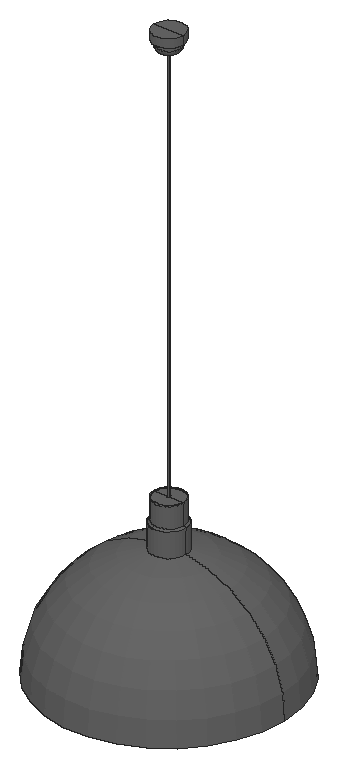
Revit family "OSND LED 24,36,42", category Lighting Fixtures, Revit 2020
Family settings
  Round Connector Dimension = Use Diameter
  Part Type = Normal
  OmniClass Number = 23.80.70.00
  OmniClass Title = Lighting
  Work Plane-Based = No
  Always vertical = Yes
  Cut with Voids When Loaded = No
  Light Source = Yes
  Shared = No
  Room Calculation Point = No
Parameters (values of type "OSND42")
  b = 0' - 2"
  a = 1' - 8"
  Weight = "34.5 lbs"
  Wattage Comments = "24 W"
  Wattage = 20.1963 W
  Warranty = "5 year limited warranty"  # constant formula
  built-in parameter 1150110 = 1 (stored number, unit not read)
  Voltage = 277 V  # constant formula
  URL = "https://www.anplighting.com/assets/Uploads/product-attachments/specification-sheets/ANP-Specification-Sheet-RLM-LED-OSND42.pdf"
  built-in parameter 1114217 = 1 (stored number, unit not read)
  Tilt Angle = 90.00°
  built-in parameter 1150109 = 1 (stored number, unit not read)
  built-in parameter 1150134 = 12
  built-in parameter 1150113 = 1 (stored number, unit not read)
  Photometric Web File = "generic"
  OSND42 = yes
  OSND36 = no
  OSND24 = no
  built-in parameter 1150142 = (empty or 0)
  Mounting Option [instance] = 1
  Power Factor = 1
  Post Mount [instance] = Mounting Option = 5  # no
  Placement X axis side [instance] = if(Post Mount, 2' 2 15/32", if(Cord or Stem Mount, 0' 0", if(E36 20 inch, 1' 8 1/4", if(E 6 26 inch, 2' 2", if(E7 41 inch, 3' 5 1/4", 0' 1")))))  # 0' - 0"
  Model = "OSND42"
  Manufacturer = "ANP Lighting"  # constant formula
  built-in parameter 1150105 = 238.73 (stored number, unit not read)
  Lumens = 3000 lm
  built-in parameter 1150115 = 1 (stored number, unit not read)
  Load Classification = Lighting
  Light Source Height [instance] = 0' - 0"
  built-in parameter 1150137 = (empty or 0)
  built-in parameter 1150139 = (empty or 0)
  Light Elevation _2 [instance] = if(Post Mount, 0' 0.66142", if(E7 41 inch, 0' 0.66142", if(E36 20 inch, 0' 1.65748", if(E 6 26 inch, 0' 1.53543", if(Cord or Stem Mount, (0' 4.3622" + Cord Length), 0' 0")))))  # 6' - 4.3622"
  Light Elevation _1 [instance] = if(Post Mount, 0' 0", if(E7 41 inch, 0' 0", if(E36 20 inch, 0' 1", if(E 6 26 inch, 0' 0.87402", if(Cord or Stem Mount, (0' 3.66142" + Cord Length), 0' 0")))))  # 6' - 3.66142"
  Light Elevation [instance] = if(Post Mount, 14' 0.5315", if(E7 41 inch, 0' 0", 0' 0"))  # 0' - 0"
  Life = "L70 50,000 hours"  # constant formula
  built-in parameter 1150112 = 1 (stored number, unit not read)
  built-in parameter 1150114 = 1 (stored number, unit not read)
  Lamp = "LED"
  built-in parameter 1150132 = 2
  built-in parameter 1150102 = (empty or 0)
  built-in parameter 1150107 = 4000 (stored number, unit not read)
  built-in parameter 1150138 = (empty or 0)
  built-in parameter 1150106 = 2.3873 (stored number, unit not read)
  Fixture Height = 2' - 5"
  Fixture Diameter = 3' - 6"
  Efficiency = "65-125 lumens per watt"  # constant formula
  built-in parameter 1150104 = 13.8 (stored number, unit not read)
  E7 41 inch [instance] = Mounting Option = 4  # no
  E36 20 inch [instance] = Mounting Option = 3  # no
  E 6 26 inch [instance] = Mounting Option = 2  # no
  Dimming Lamp Color Temperature Shift = <None>
  Dimming = "1%"  # constant formula
  Description = "120-277 Voltage"  # constant formula
  Default Elevation = 0' - 0"
  Cord or Stem Mount [instance] = Mounting Option = 1  # yes
  Cord Length option [instance] = 0
  Cord Length [instance] = if([2' Cord], 2' 0", if([4' Cord], 4' 0", if([8' Cord], 8' 0", if([10' Cord], 10' 0", if([6' Cord], 6' 0", 6' 0")))))  # 6' - 0"
  Construction Material = "Heavy Duty spun aluminum."  # constant formula
  Color Filter = 16777215
  Canopy Body = body
  CRI = ">90"  # constant formula
  Bulb = Bulb
  Body Material = body
  Body Colour = "Spun aluminium"  # constant formula
  built-in parameter 1114218 = 1 (stored number, unit not read)
  built-in parameter 1150133 = 10 (stored number, unit not read)
  Apparent Load = 24 VA
  8' Cord [instance] = Cord Length option = 8  # no
  6' Cord [instance] = Cord Length option = 6  # no
  4' Cord [instance] = Cord Length option = 4  # no
  2' Cord [instance] = Cord Length option = 2  # no
  10' Cord [instance] = Cord Length option = 10  # no
Types (4): name | a | Weight | URL | OSND42 | OSND36 | OSND24 | Model | Fixture Height | Fixture Diameter
  (no name) | 1' - 8" | "34.5 lbs" | "https://www.anplighting.com/assets/Uploads/product-attachments/specification-sheets/ANP-Specification-Sheet-RLM-LED-OSND42.pdf" | yes | no | no | "OSND42" | 2' - 5" | 3' - 6"
  OSND24 | 1' - 6" | "16.0 lbs" | "https://www.anplighting.com/assets/Uploads/product-attachments/specification-sheets/ANP-Specification-Sheet-RLM-LED-OSND24.pdf" | no | no | yes | "OSND24" | 1' - 8" | 2' - 0"
  OSND36 | 1' - 6" | "26.5 lbs" | "https://www.anplighting.com/assets/Uploads/product-attachments/specification-sheets/ANP-Specification-Sheet-RLM-LED-OSND36.pdf" | no | yes | no | "OSND36" | 2' - 2" | 3' - 0"
  OSND42 | 1' - 8" | "34.5 lbs" | "https://www.anplighting.com/assets/Uploads/product-attachments/specification-sheets/ANP-Specification-Sheet-RLM-LED-OSND42.pdf" | yes | no | no | "OSND42" | 2' - 5" | 3' - 6"
Reference planes (in)
  plane 1 "Light Source Axis (F/B)": y = 0
  plane 2: z = 0
  plane 3 "Light Source Axis (L/R)": x = 0
  plane 4 "Light Source Elevation": z = 0
  plane 5: z = 0
  plane 6: x = 0
  plane 7 "Bulb Position": z = -76.3622
  plane 8 "Canopy Position": z = -75.66142
  plane 9 "IES": z = -76.3622
  plane 10: z = 164.5315
  plane 11: z = -95.66142
  plane 12: z = -93.66142
  plane 13: z = -91.23029
Dimensions and locks (in)
  "Light Elevation": plane 5 to plane 2
  "Placement X axis side": plane 6 to plane 3 "Light Source Axis (L/R)"
  "Light Elevation _2": plane 5 to plane 7 "Bulb Position"
  "Light Elevation _1": plane 5 to plane 8 "Canopy Position"
  "Light Source Height": plane 7 "Bulb Position" to plane 9 "IES"
  plane 4 "Light Source Elevation" to plane 2 = 0' - 0"
  "a": plane 8 "Canopy Position" to plane 11
  "b": plane 12 to plane 11
  locked: plane 13 to plane 12 at 2.43113
  aligned and locked: level to plane 2
  aligned and locked: plane 1 "Light Source Axis (F/B)" to nested 5
  aligned and locked: nested 5 to plane 2
  aligned and locked: nested 1 to plane 3 "Light Source Axis (L/R)"
  aligned and locked: plane 3 "Light Source Axis (L/R)" to nested 2
  aligned and locked: plane 3 "Light Source Axis (L/R)" to nested 4
  aligned and locked: nested 3 to plane 5
  aligned and locked: plane 3 "Light Source Axis (L/R)" to nested 3
  aligned and locked: plane 3 "Light Source Axis (L/R)" to nested 5
  aligned and locked: plane 1 "Light Source Axis (F/B)" to nested 2
  aligned and locked: plane 1 "Light Source Axis (F/B)" to nested 1
  aligned and locked: plane 1 "Light Source Axis (F/B)" to nested 4
  aligned and locked: plane 1 "Light Source Axis (F/B)" to nested 3
  aligned and locked: plane 2 to nested 1
  aligned and locked: plane 2 to nested 2
  aligned and locked: nested 4 to plane 2
  aligned and locked: imposter light to plane 6
  aligned and locked: plane 12 to imposter light
  aligned and locked: plane 1 "Light Source Axis (F/B)" to nested 6
  aligned and locked: plane 6 to nested 6
  aligned and locked: plane 1 "Light Source Axis (F/B)" to nested 7
  aligned and locked: plane 6 to nested 8
  aligned and locked: plane 1 "Light Source Axis (F/B)" to nested 8
  aligned and locked: plane 6 to nested 7
  aligned and locked: nested 6 to plane 8 "Canopy Position"
  aligned and locked: nested 8 to plane 8 "Canopy Position"
  aligned and locked: nested 7 to plane 8 "Canopy Position"
Nested families (in)
  nested 1: "CORD OR STEM MOUNT" at (0, 0, -75.67), visible <- "Cord or Stem Mount", Cord or Stem Mount <- "Cord or Stem Mount", Body Material <- "Body Material", Light Elevation <- "Light Elevation", Cord Length <- "Cord Length", 10' Cord <- "10' Cord", 2' Cord <- "2' Cord", 4' Cord <- "4' Cord", 6' Cord <- "6' Cord", 8' Cord <- "8' Cord", type "CORD OR STEM MOUNT"
    with Light Elevation 0' - 0", Cord or Stem Mount yes, Cord Length 6' - 0", Body Material body, 8' Cord no, 6' Cord no, 4' Cord no, 2' Cord no, 10' Cord no
  nested 2: "E6 26 INCH" at (0, 0, 0), visible <- "E 6 26 inch", Chain Length <- "Cord Length", E 6 26 inch <- "E 6 26 inch", Placement X axis side <- "Placement X axis side", Body Material <- "Body Material", Light Elevation <- "Light Elevation", type "E6 26 INCH"
    with Placement X axis side 0' - 0", Light Elevation 0' - 0", E 6 26 inch no, Chain Length 6' - 0", Body Material body
  nested 3: "E7 41 INCH" at (0, 0, 0), Chain Length <- "Cord Length", visible <- "E7 41 inch", E7 41 inch <- "E7 41 inch", Placement X axis side <- "Placement X axis side", Body Material <- "Body Material", Light Elevation <- "Light Elevation", type "E7 41 INCH"
    with Placement X axis side 0' - 0", Light Elevation 0' - 0", E7 41 inch no, Chain Length 6' - 0", Body Material body
  nested 4: "E36 20 INCH" at (0, 0, 0), visible <- "E36 20 inch", E36 20 inch <- "E36 20 inch", Placement X axis side <- "Placement X axis side", Chain Length <- "Cord Length", Body Material <- "Body Material", Light Elevation <- "Light Elevation", type "E36 20 INCH"
    with Placement X axis side 0' - 0", Light Elevation 0' - 0", E36 20 inch no, Chain Length 6' - 0", Body Material body
  nested 5: "POST MOUNT" at (0, 0, 0), visible <- "Post Mount", Post Mount <- "Post Mount", Placement X axis side <- "Placement X axis side", Chain Length <- "Cord Length", Body Material <- "Body Material", Light Elevation <- "Light Elevation", type "POST MOUNT"
    with Post Mount no, Placement X axis side 0' - 0", Light Elevation 0' - 0", Chain Length 6' - 0", Body Material body
  nested 6: "OSND24_1" at (0, 0, -75.66142), Light Elevation <- "Light Elevation", Bulb <- "Bulb", Body <- "Canopy Body", OSND24 <- "OSND24", visible <- "OSND24", type "OSND24_1"
    with OSND24 no, Light Elevation 0' - 0", Bulb Bulb, Body body
  nested 7: "OSND36_1" at (0, 0, -75.66142), Light Elevation <- "Light Elevation", Bulb <- "Bulb", Body <- "Canopy Body", OSND36 <- "OSND36", visible <- "OSND36", type "OSND36_1"
    with OSND36 no, Light Elevation 0' - 0", Bulb Bulb, Body body
  nested 8: "OSND42_1" at (0, 0, -75.66142), Light Elevation <- "Light Elevation", Bulb <- "Bulb", Body <- "Canopy Body", OSND42 <- "OSND42", visible <- "OSND42", type "OSND42_1"
    with OSND42 yes, Light Elevation 0' - 0", Bulb Bulb, Body body
Definition of nested family "CORD OR STEM MOUNT"
  Parameters (values of type "CORD OR STEM MOUNT")
    URL = ""
    Model = ""
    Manufacturer = ""
    Light Elevation [instance] = 1' - 7.69"
    Default Elevation = 0' - 0"
    Cord or Stem Mount [instance] = yes
    Cord Length [instance] = 6' - 0"
    Body Material [instance] = none
    8' Cord [instance] = no
    6' Cord [instance] = no
    4' Cord [instance] = no
    2' Cord [instance] = no
    10' Cord [instance] = no
  Reference planes (in)
    plane 1 "Light Source Axis (F/B)": y = 0
    plane 2: z = 0
    plane 3 "Light Source Axis (L/R)": x = 0
    plane 4 "Light Source Elevation": z = 23.125
    plane 5: z = 91.69
    plane 6: z = 19.69
  Forms (in)
    Extrusion 1, void, not visible
      sketch origin (0, 0, 2.38154) x (1, 0, 0) y (0, 0, 1)
        loop
          circle (0, 4.59925) r 0.16583
      from 1.18594 to 1.75
    Extrusion 2, void, not visible
      sketch origin (0, 0, 2.38154) x (0.707107, -0.707107, 0) y (0, 0, 1)
        loop
          circle (0, 4.59925) r 0.16583
      from 1.18594 to 1.75
    Extrusion 3, void, not visible
      sketch origin (0, 0, 2.38154) x (0.707107, 0.707107, 0) y (0, 0, 1)
        loop
          circle (0, 4.59925) r 0.16583
      from 1.18594 to 1.75
    Extrusion 4, void, not visible
      sketch origin (0, 0, 2.38154) x (0, 1, 0) y (0, 0, 1)
        loop
          circle (0, 4.59925) r 0.16583
      from 1.18594 to 1.75
    Extrusion 5, void, not visible
      sketch origin (0, 0, 2.38154) x (-0.707107, 0.707107, 0) y (0, 0, 1)
        loop
          circle (0, 4.59925) r 0.16583
      from 1.18594 to 1.75
    Extrusion 6, void, not visible
      sketch origin (0, 0, 2.38154) x (-1, 0, 0) y (0, 0, 1)
        loop
          circle (0, 4.59925) r 0.20678
      from 1.18594 to 1.75
    Extrusion 7, void, not visible
      sketch origin (0, 0, 2.38154) x (-0.707107, -0.707107, 0) y (0, 0, 1)
        loop
          circle (0, 4.59925) r 0.16583
      from 1.18594 to 1.75
    Extrusion 8, void, not visible
      sketch origin (0, 0, 2.38154) x (0, -1, 0) y (0, 0, 1)
        loop
          circle (0, 4.59925) r 0.16583
      from 1.18594 to 1.75
    Revolve 9, solid, material <- "Body Material", visible <- "Cord or Stem Mount"
      sketch origin (0, 0, 174.56698) x (1, 0, 0) y (0, 0, 1)
        loop
          line (2.6875, -79.20698) -> (0, -79.20698) -> (0, -82.87698) -> (0.125, -82.87698) -> (0.125, -82.83698) -> (0.75, -82.83698)
          arc (0.75, -82.83698) -> (0.81694, -82.77004) -> (0.75, -82.7031) r 0.06694
          line (0.75, -82.7031) -> (0.89763, -82.7031) -> (1.00223, -82.5985) -> (1.06587, -82.5985)
          arc (1.06587, -82.5985) -> (1.80099, -82.29401) -> (2.10549, -81.55888) r 1.03962
          line (2.10549, -81.55888) -> (2.10549, -81.03899)
          arc (2.10549, -81.03899) -> (2.12951, -80.981) -> (2.1875, -80.95698) r 0.08201
          line (2.1875, -80.95698) -> (2.1875, -80.70698) -> (2.6875, -80.70698) -> (2.6875, -79.20698)
        axis (0, -79.20698) -> (0, -82.87698)
      angle from 0 to 360
    Revolve 10, solid, material <- "Body Material", visible <- "Cord or Stem Mount"
      sketch origin (0, 0, 0) x (1, 0, 0) y (0, 0, 1)
        loop
          line (0, 91.69) -> (-0.125, 91.69) -> (-0.125, 19.69) -> (0, 19.69) -> (0, 91.69)
        axis (0, 19.69) -> (0, 91.69)
      angle from 0 to 360
  Dimensions and locks (in)
    "Light Elevation": plane 6 to plane 2
    "Cord Length": plane 5 to plane 6
    locked: Revolve 10 sketch curve to Revolve 10 sketch curve at 0.125
    aligned and locked: level to plane 2
    aligned and locked: Revolve 10 sketch curve to plane 3 "Light Source Axis (L/R)"
    aligned and locked: Revolve 10 sketch curve to plane 6
    aligned and locked: Revolve 10 sketch curve to plane 5
    aligned and locked: plane 3 "Light Source Axis (L/R)" to Revolve 10 sketch curve
  Automatic sketch dimensions
    Revolve 9 sketch curve to plane 3 "Light Source Axis (L/R)" = 0' - 0"  (x2)
    Revolve 9 sketch curve to plane 5 = 0' - 0"
    plane 3 "Light Source Axis (L/R)" to Revolve 9 sketch curve = 0' - 0 1/8"
    Revolve 9 sketch curve to plane 5 = 0' - 0.17388"
    Revolve 9 sketch curve to Revolve 9 sketch curve = 0' - 0 5/8"
    Revolve 9 sketch curve to Revolve 9 sketch curve = 0' - 0.14763"
    Revolve 9 sketch curve to plane 5 = 0' - 0.27847"
    Revolve 9 sketch curve to Revolve 9 sketch curve = 0' - 0.1046"
    Revolve 9 sketch curve to Revolve 9 sketch curve = 0' - 0.06364"
    Revolve 9 sketch curve to Revolve 9 sketch curve = 0' - 1.03962"
    Revolve 9 sketch curve to Revolve 9 sketch curve = 0' - 0 21/256"
    Revolve 9 sketch curve to Revolve 9 sketch curve = 0' - 0 1/2"  (x2)
    Revolve 9 sketch curve to Revolve 9 sketch curve = 0' - 0.51989"
    Revolve 9 sketch curve to Revolve 9 sketch curve = 0' - 0 1/4"
    Revolve 9 sketch curve to Revolve 9 sketch curve = 0' - 2.3519"
    Revolve 9 sketch curve to Revolve 9 sketch curve = 0' - 1 1/4"
    Revolve 9 sketch curve to Revolve 9 sketch curve = 0' - 0.04"
    Revolve 10 sketch curve to Revolve 10 sketch curve = 0' - 0 1/2"
    Revolve 10 sketch curve to Revolve 10 sketch curve = 0' - 0.42345"
Definition of nested family "OSND42_1"
  Parameters (values of type "OSND42_1")
    OSND42 [instance] = yes
    Light Elevation [instance] = 5' - 0"
    Default Elevation = 0' - 0"
    Bulb [instance] = none
    Body [instance] = none
  Reference planes (in)
    plane 1 "Center (Front/Back)": y = 0
    plane 2: z = 0
    plane 3 "Center (Left/Right)": x = 0
    plane 4: z = 60
  Dimensions and locks (in)
    "Light Elevation": plane 4 to plane 2
    locked: plane 4 to nested 1 at 13.1527
    aligned and locked: plane 2 to level
    aligned and locked: plane 3 "Center (Left/Right)" to nested 2
    aligned and locked: plane 1 "Center (Front/Back)" to nested 2
    aligned and locked: plane 4 to nested 2
  Nested families (in)
    nested 1: "Bulb" at (0, 0, 49.45615), Bulb <- "Bulb", OSND42 <- "OSND42", visible <- "OSND42", type "Bulb"
      with Bulb none
    nested 2: "OSND42" at (0, 0, 31), BODY <- "Body", visible <- "OSND42", OSND42 <- "OSND42", type "Standard"
      with OSND42 yes, BODY none
  Definition of nested family "Bulb"
    Parameters (values of type "Bulb")
      OSND42 [instance] = yes
      Default Elevation = 0' - 0"
      Bulb [instance] = none
    Reference planes (in)
      plane 1 "Center (Front/Back)": y = 0
      plane 2: z = 0
      plane 3 "Center (Left/Right)": x = 0
    Forms (in)
      Revolve 1, solid, material <- "Bulb"
        sketch origin (0.00446, 0, 0.00567) x (1, 0, 0) y (0, 0, 1)
          loop
            arc (-1.22244, -3.28132) -> (-0.86108, -4.13031) -> (0, -4.46182) r 1.18347
            line (0, -4.46182) -> (0, -3.28132) -> (-1.22244, -3.28132)
          axis (0, -4.46182) -> (0, -3.28132)
        angle from 0 to 360
      Revolve 2, solid, material <- "Bulb"
        sketch origin (0, 0, 0) x (1, 0, 0) y (0, 0, 1)
          loop
            line (0.00225, -3.02565) -> (0.00225, -3.27565) -> (1.76788, -3.27565) -> (1.76788, -3.02565) -> (0.00225, -3.02565)
          axis (0.00225, -3.02565) -> (0.00225, -3.27565)
        angle from 0 to 360
      Revolve 3, solid, material <- "Bulb"
        sketch origin (0, 0, 0) x (1, 0, 0) y (0, 0, 1)
          loop
            line (5.75, -2.81724) -> (0, -2.81724) -> (0, -3.02565) -> (5.75, -3.02565) -> (5.75, -2.81724)
          axis (0, -3.02565) -> (0, -2.81724)
        angle from 0 to 360
      Revolve 4, solid, material <- "Bulb", visible <- "OSND42"
        sketch origin (0, 0, 0) x (1, 0, 0) y (0, 0, 1)
          loop
            line (7.3125, -2.81724) -> (7.3125, -2.60885) -> (0, -2.60885) -> (0, -2.81724) -> (7.3125, -2.81724)
          axis (0, -2.60885) -> (0, -2.81724)
        angle from 0 to 360
    Dimensions and locks (in)
      aligned and locked: plane 2 to level
  Definition of nested family "OSND42"
    Parameters (values of type "Standard")
      OSND42 [instance] = yes
      BODY [instance] = none
      Default Elevation = 0' - 0"
    Reference planes (in)
      plane 1 "Center (Front/Back)": y = 0
      plane 2: z = 0
      plane 3 "Center (Left/Right)": x = 0
      plane 4: z = 29
      plane 5: x = 21
      plane 6: x = -21
    Forms (in)
      Revolve 1, solid, material <- "BODY", visible <- "OSND42"
        sketch origin (0, 0, 0) x (1, 0, 0) y (0, 0, 1)
          loop
            line (-21, 0) -> (-20.90624, 0)
            arc (-20.90624, 0) -> (-15.88599, 13.70277) -> (-3.07087, 20.68429) r 20.69167
            line (-3.07087, 20.68429) -> (-3.07087, 24.90046) -> (-2.97771, 24.90046)
            arc (-2.97771, 24.90046) -> (-2.74242, 24.99792) -> (-2.64496, 25.23321) r 0.33275
            line (-2.64496, 25.23321) -> (-2.64496, 28.86617)
            arc (-2.64496, 28.86617) -> (-2.63322, 28.89451) -> (-2.60488, 28.90625) r 0.04008
            line (-2.60488, 28.90625) -> (-0.26926, 28.90625) -> (-0.26926, 29) -> (-2.67583, 29)
            arc (-2.67583, 29) -> (-2.72029, 28.98158) -> (-2.73871, 28.93712) r 0.06288
            line (-2.73871, 28.93712) -> (-2.73871, 25.30196)
            arc (-2.73871, 25.30196) -> (-2.83303, 25.07426) -> (-3.06073, 24.97995) r 0.32202
            line (-3.06073, 24.97995) -> (-3.16462, 24.97995) -> (-3.16462, 20.76573)
            arc (-3.16462, 20.76573) -> (-15.98334, 13.7334) -> (-21, 0) r 20.78543
          axis (0, 0) -> (0, 29)
        angle from 0 to 360
    Dimensions and locks (in)
      plane 4 to plane 2 = 2' - 5"
      plane 5 to plane 3 "Center (Left/Right)" = 1' - 9"
      equal spacing: plane 6, plane 3 "Center (Left/Right)", plane 5
      plane 6 to plane 5 = 3' - 6"
      aligned and locked: plane 2 to level
    Automatic sketch dimensions
      Revolve 1 sketch curve to Revolve 1 sketch curve = 0' - 0"  (x2)
      Revolve 1 sketch curve to level = 0' - 0"
      plane 6 to Revolve 1 sketch curve = 0' - 0"
      Revolve 1 sketch curve to plane 4 = 0' - 0"
      Revolve 1 sketch curve to plane 3 "Center (Left/Right)" = 0' - 0"
      Revolve 1 sketch curve to Revolve 1 sketch curve = 0' - 0 3/32"  (x3)
      Revolve 1 sketch curve to plane 3 "Center (Left/Right)" = 0' - 3.16462"
      Revolve 1 sketch curve to Revolve 1 sketch curve = 0' - 0.10389"
      Revolve 1 sketch curve to Revolve 1 sketch curve = 0' - 0.08302"
      Revolve 1 sketch curve to plane 4 = 0' - 0.06288"
      Revolve 1 sketch curve to plane 3 "Center (Left/Right)" = 0' - 2.73871"
      Revolve 1 sketch curve to Revolve 1 sketch curve = 0' - 0.04008"
      Revolve 1 sketch curve to plane 3 "Center (Left/Right)" = 0' - 0.26926"
      Revolve 1 sketch curve to plane 3 "Center (Left/Right)" = 0' - 0.21545"
      level to Revolve 1 sketch curve = 0' - 0.19059"
      Revolve 1 sketch curve to Revolve 1 sketch curve = 0' - 4.03667"
      Revolve 1 sketch curve to Revolve 1 sketch curve = 0' - 0.07949"
      Revolve 1 sketch curve to Revolve 1 sketch curve = 0' - 0.07095"
      Revolve 1 sketch curve to Revolve 1 sketch curve = 0' - 3.18039"
      Revolve 1 sketch curve to Revolve 1 sketch curve = 0' - 4"
Definition of nested family "E6 26 INCH"
  Parameters (values of type "E6 26 INCH")
    URL = ""
    Placement X axis side [instance] = 2' - 2"
    Model = ""
    Manufacturer = ""
    Light Elevation [instance] = 8' - 4"
    E 6 26 inch [instance] = yes
    Default Elevation = 0' - 0"
    Chain Length [instance] = 0' - 0"
    Body Material [instance] = none
  Reference planes (in)
    plane 1 "Light Source Axis (F/B)": y = 0
    plane 2: z = 0
    plane 3 "Light Source Axis (L/R)": x = 0
    plane 4 "Light Source Elevation": z = 23.125
    plane 5: z = 100
    plane 6: x = -26
    plane 7: z = 99.125
    plane 8: x = -24.12
    plane 9: x = -25.5474
  Forms (in)
    Extrusion 1, void, not visible
      sketch origin (0, 0, 2.38154) x (1, 0, 0) y (0, 0, 1)
        loop
          circle (0, 4.59925) r 0.16583
      from 1.18594 to 1.75
    Extrusion 2, void, not visible
      sketch origin (0, 0, 2.38154) x (0.707107, -0.707107, 0) y (0, 0, 1)
        loop
          circle (0, 4.59925) r 0.16583
      from 1.18594 to 1.75
    Extrusion 3, void, not visible
      sketch origin (0, 0, 2.38154) x (0.707107, 0.707107, 0) y (0, 0, 1)
        loop
          circle (0, 4.59925) r 0.16583
      from 1.18594 to 1.75
    Extrusion 4, void, not visible
      sketch origin (0, 0, 2.38154) x (0, 1, 0) y (0, 0, 1)
        loop
          circle (0, 4.59925) r 0.16583
      from 1.18594 to 1.75
    Extrusion 5, void, not visible
      sketch origin (0, 0, 2.38154) x (-0.707107, 0.707107, 0) y (0, 0, 1)
        loop
          circle (0, 4.59925) r 0.16583
      from 1.18594 to 1.75
    Extrusion 6, void, not visible
      sketch origin (0, 0, 2.38154) x (-1, 0, 0) y (0, 0, 1)
        loop
          circle (0, 4.59925) r 0.20678
      from 1.18594 to 1.75
    Extrusion 7, void, not visible
      sketch origin (0, 0, 2.38154) x (-0.707107, -0.707107, 0) y (0, 0, 1)
        loop
          circle (0, 4.59925) r 0.16583
      from 1.18594 to 1.75
    Extrusion 8, void, not visible
      sketch origin (0, 0, 2.38154) x (0, -1, 0) y (0, 0, 1)
        loop
          circle (0, 4.59925) r 0.16583
      from 1.18594 to 1.75
    Sweep 9, solid, material <- "Body Material", visible <- "E 6 26 inch"
      path origin (-41.25, 0, 168.51693) x (1, 0, 0) y (0, 0, 1)
        loop
          line (17.13, -68.51693) -> (27.68551, -68.51693)
          arc (27.68551, -68.51693) -> (28.47996, -68.34486) -> (29.13202, -67.8595) r 1.92004
          line (29.13202, -67.8595) -> (34.23651, -62.01155)
          arc (34.23651, -62.01155) -> (38.65464, -60.89667) -> (41.25, -64.64193) r 4
          line (41.25, -64.64193) -> (41.25, -69.39193)
      profile origin (-18.84224, 0, 100) x (0, 0, 1) y (0, -1, 0)
        loop
          circle (0, 0) r 0.5
    Revolve 10, solid, material <- "Body Material", visible <- "E 6 26 inch"
      sketch origin (-26, 0, 168.51693) x (1, 0, 0) y (0, 0, 1)
        loop
          line (0, -66.07943) -> (0, -68.51693) -> (1.88, -68.51693) -> (1.88, -67.69272) -> (0.4526, -67.69272) -> (0.4526, -66.54122) -> (0.33125, -66.54122) -> (0.33125, -66.07943) -> (0, -66.07943)
        axis (0, -68.51693) -> (1.88, -68.51693)
      angle from 0 to 360
    Extrusion 11, solid, material <- "Body Material", visible <- "E 6 26 inch"
      sketch origin (-26, 0, 168.51693) x (0, -1, 0) y (0, 0, -1)
        loop
          line (0.25, 68.51693) -> (0.25, 69.51693) -> (-0.25, 69.51693) -> (-0.25, 68.51693) -> (0.25, 68.51693)
      from 0.4526 to 1.88
  Cuts and joins
    joined: Revolve 10, Extrusion 11
  Dimensions and locks (in)
    "Light Elevation": plane 5 to plane 2
    "Placement X axis side": plane 3 "Light Source Axis (L/R)" to plane 6
    locked: plane 5 to plane 7 at 0.875
    Revolve 10 sketch curve to Revolve 10 sketch curve to Revolve 10 sketch curve to plane 6 = 0' - 1.4274" locked, 0' - 0.12135" locked, 0' - 0.33125" locked
    Revolve 10 sketch curve to Revolve 10 sketch curve to Revolve 10 sketch curve to plane 5 = 0' - 0.46179" locked, 0' - 1.1515" locked, 0' - 0 211/256" locked
    locked: Sweep 9 sketch curve to plane 6 at 1.88
    locked: Sweep 9 sketch curve to Sweep 9 sketch curve at 10.55551
    locked: Sweep 9 sketch curve to Sweep 9 sketch curve at 13.56449
    locked: Sweep 9 sketch curve to Sweep 9 sketch curve at 4.75
    locked: plane 9 to plane 6 at 0.4526
    locked: plane 8 to plane 9 at 1.4274
    aligned and locked: level to plane 2
    aligned and locked: Revolve 10 sketch curve to plane 6
    aligned and locked: plane 5 to Revolve 10 sketch curve
    aligned and locked: Revolve 10 sketch curve to plane 5
    aligned and locked: cut or joined group of Revolve 10, Extrusion 11 to plane 9
    aligned and locked: plane 8 to cut or joined group of Revolve 10, Extrusion 11
  Automatic sketch dimensions
    Sweep 9 sketch curve to plane 5 = 0' - 0"
    Sweep 9 sketch curve to Sweep 9 sketch curve = 0' - 4"
    Sweep 9 sketch curve to Sweep 9 sketch curve = 0' - 3.01349"
    plane 5 to Sweep 9 sketch curve = 0' - 0.65743"
    Sweep 9 sketch curve to Sweep 9 sketch curve = 0' - 1.4465"
    Sweep 9 sketch curve to plane 5 = 0' - 0 7/8"
    profile plane to Sweep 9 sketch curve = 0' - 0"
    Sweep 9 sketch curve to profile plane = 0' - 0"
    plane 6 to Revolve 10 sketch curve = 0' - 0.62562"
    Revolve 10 sketch curve to Revolve 10 sketch curve = 0' - 0 1/2"
    Extrusion 11 sketch curve to plane 5 = 0' - 0"
    plane 1 "Light Source Axis (F/B)" to Extrusion 11 sketch curve = 0' - 0 1/4"
    Extrusion 11 sketch curve to plane 1 "Light Source Axis (F/B)" = 0' - 0 1/4"
    plane 5 to Extrusion 11 sketch curve = 0' - 1"
    radius of Sweep 9 sketch curve = 0' - 0 1/2"
Definition of nested family "E7 41 INCH"
  Parameters (values of type "E7 41 INCH")
    URL = ""
    Placement X axis side [instance] = 4' - 2"
    Model = ""
    Manufacturer = ""
    Light Elevation [instance] = 8' - 4"
    E7 41 inch [instance] = yes
    Default Elevation = 0' - 0"
    Chain Length [instance] = 0' - 0"
    Body Material [instance] = none
  Reference planes (in)
    plane 1 "Light Source Axis (F/B)": y = 0
    plane 2: z = 0
    plane 3 "Light Source Axis (L/R)": x = 0
    plane 4 "Light Source Elevation": z = 23.125
    plane 5: z = 100
    plane 6: x = -50
  Forms (in)
    Extrusion 1, void, not visible
      sketch origin (0, 0, 2.38154) x (1, 0, 0) y (0, 0, 1)
        loop
          circle (0, 4.59925) r 0.16583
      from 1.18594 to 1.75
    Extrusion 2, void, not visible
      sketch origin (0, 0, 2.38154) x (0.707107, -0.707107, 0) y (0, 0, 1)
        loop
          circle (0, 4.59925) r 0.16583
      from 1.18594 to 1.75
    Extrusion 3, void, not visible
      sketch origin (0, 0, 2.38154) x (0.707107, 0.707107, 0) y (0, 0, 1)
        loop
          circle (0, 4.59925) r 0.16583
      from 1.18594 to 1.75
    Extrusion 4, void, not visible
      sketch origin (0, 0, 2.38154) x (0, 1, 0) y (0, 0, 1)
        loop
          circle (0, 4.59925) r 0.16583
      from 1.18594 to 1.75
    Extrusion 5, void, not visible
      sketch origin (0, 0, 2.38154) x (-0.707107, 0.707107, 0) y (0, 0, 1)
        loop
          circle (0, 4.59925) r 0.16583
      from 1.18594 to 1.75
    Extrusion 6, void, not visible
      sketch origin (0, 0, 2.38154) x (-1, 0, 0) y (0, 0, 1)
        loop
          circle (0, 4.59925) r 0.20678
      from 1.18594 to 1.75
    Extrusion 7, void, not visible
      sketch origin (0, 0, 2.38154) x (-0.707107, -0.707107, 0) y (0, 0, 1)
        loop
          circle (0, 4.59925) r 0.16583
      from 1.18594 to 1.75
    Extrusion 8, void, not visible
      sketch origin (0, 0, 2.38154) x (0, -1, 0) y (0, 0, 1)
        loop
          circle (0, 4.59925) r 0.16583
      from 1.18594 to 1.75
    Revolve 9, solid, material <- "Body Material", visible <- "E7 41 inch"
      sketch origin (-41.25, 0, 168.39193) x (1, 0, 0) y (0, 0, 1)
        loop
          line (-8.75, -66.20443) -> (-8.75, -68.51693) -> (-6.87, -68.51693) -> (-6.87, -67.69272) -> (-8.2974, -67.69272) -> (-8.2974, -66.54122) -> (-8.41875, -66.54122) -> (-8.41875, -66.20443) -> (-8.75, -66.20443)
        axis (-8.75, -68.51693) -> (-6.87, -68.51693)
      angle from 0 to 360
    Extrusion 10, solid, material <- "Body Material", visible <- "E7 41 inch"
      sketch origin (-41.25, 0, 168.39193) x (0, -1, 0) y (0, 0, -1)
        loop
          line (0.25, 68.51693) -> (0.25, 69.51693) -> (-0.25, 69.51693) -> (-0.25, 68.51693) -> (0.25, 68.51693)
      from -8.2974 to -6.87
    Sweep 11, solid, material <- "Body Material", visible <- "E7 41 inch"
      path origin (-41.25, 0, 168.39193) x (1, 0, 0) y (0, 0, 1)
        loop
          line (-6.87, -68.51693) -> (16.04011, -68.51693)
          arc (16.04011, -68.51693) -> (17.864, -68.13651) -> (19.38375, -67.0587) r 4.5625
          line (19.38375, -67.0587) -> (24.70217, -61.33018)
          arc (24.70217, -61.33018) -> (29.64465, -60.20324) -> (32.5, -64.39193) r 4.5
          line (32.5, -64.39193) -> (32.5, -68.39193)
      profile origin (-36.66494, 0, 99.875) x (0, 0, 1) y (0, -1, 0)
        loop
          circle (0, 0) r 0.5
  Dimensions and locks (in)
    "Placement X axis side": plane 3 "Light Source Axis (L/R)" to plane 6
    "Light Elevation": plane 5 to plane 2
    locked: Revolve 9 sketch curve to Revolve 9 sketch curve at 0.33125
    locked: Revolve 9 sketch curve to Revolve 9 sketch curve at 0.4526
    locked: Revolve 9 sketch curve to Revolve 9 sketch curve at 1.88
    locked: Revolve 9 sketch curve to Revolve 9 sketch curve at 0.82421
    locked: Revolve 9 sketch curve to Revolve 9 sketch curve at 1.1515
    locked: Revolve 9 sketch curve to Revolve 9 sketch curve at 0.33679
    locked: plane 5 to Revolve 9 sketch curve at 0.125
    locked: Extrusion 10 sketch curve to Extrusion 10 sketch curve at 0.5
    locked: Extrusion 10 sketch curve to Extrusion 10 sketch curve at 1
    locked: plane 5 to Extrusion 10 sketch curve at 0.125
    locked: plane 5 to Sweep 11 sketch curve at 0.125
    locked: Sweep 11 sketch curve to Sweep 11 sketch curve at 39.37
    locked: Sweep 11 sketch curve to Sweep 11 sketch curve at 4
    locked: plane 6 to Extrusion 10 at 0.4526
    locked: Sweep 11 sketch curve to plane 6 at 1.88
    locked: Extrusion 10 to Extrusion 10 at 1.4274
    aligned and locked: plane 2 to level
    aligned and locked: Revolve 9 sketch curve to plane 6
  Automatic sketch dimensions
    Revolve 9 sketch curve to plane 5 = 0' - 0 1/8"
    plane 6 to Revolve 9 sketch curve = 0' - 0.62562"
    Revolve 9 sketch curve to Revolve 9 sketch curve = 0' - 0 1/2"
    plane 1 "Light Source Axis (F/B)" to Extrusion 10 sketch curve = 0' - 0 1/4"
    Sweep 11 sketch curve to plane 5 = 0' - 0"
    Sweep 11 sketch curve to Sweep 11 sketch curve = 0' - 4 1/2"
    Sweep 11 sketch curve to Sweep 11 sketch curve = 0' - 3.29783"
    plane 5 to Sweep 11 sketch curve = 0' - 1.33323"
    Sweep 11 sketch curve to Sweep 11 sketch curve = 0' - 5.31842"
    Sweep 11 sketch curve to Sweep 11 sketch curve = 0' - 3.34364"
    profile plane to Sweep 11 sketch curve = 0' - 0"
    Sweep 11 sketch curve to profile plane = 0' - 0"
    radius of Sweep 11 sketch curve = 0' - 0 1/2"
Definition of nested family "E36 20 INCH"
  Parameters (values of type "E36 20 INCH")
    URL = ""
    Placement X axis side [instance] = 1' - 8 1/4"
    Model = ""
    Manufacturer = ""
    Light Elevation [instance] = 8' - 4"
    E36 20 inch [instance] = yes
    Default Elevation = 0' - 0"
    Chain Length [instance] = 0' - 0"
    Body Material [instance] = none
  Reference planes (in)
    plane 1 "Light Source Axis (F/B)": y = 0
    plane 2: z = 0
    plane 3 "Light Source Axis (L/R)": x = 0
    plane 4 "Light Source Elevation": z = 23.125
    plane 5: z = 99
    plane 6: x = -20.25
    plane 7: z = 100
    plane 8: x = -18.37008
    plane 9: x = -19.79724
  Forms (in)
    Extrusion 1, void, not visible
      sketch origin (0, 0, 2.38154) x (1, 0, 0) y (0, 0, 1)
        loop
          circle (0, 4.59925) r 0.16583
      from 1.18594 to 1.75
    Extrusion 2, void, not visible
      sketch origin (0, 0, 2.38154) x (0.707107, -0.707107, 0) y (0, 0, 1)
        loop
          circle (0, 4.59925) r 0.16583
      from 1.18594 to 1.75
    Extrusion 3, void, not visible
      sketch origin (0, 0, 2.38154) x (0.707107, 0.707107, 0) y (0, 0, 1)
        loop
          circle (0, 4.59925) r 0.16583
      from 1.18594 to 1.75
    Extrusion 4, void, not visible
      sketch origin (0, 0, 2.38154) x (0, 1, 0) y (0, 0, 1)
        loop
          circle (0, 4.59925) r 0.16583
      from 1.18594 to 1.75
    Extrusion 5, void, not visible
      sketch origin (0, 0, 2.38154) x (-0.707107, 0.707107, 0) y (0, 0, 1)
        loop
          circle (0, 4.59925) r 0.16583
      from 1.18594 to 1.75
    Extrusion 6, void, not visible
      sketch origin (0, 0, 2.38154) x (-1, 0, 0) y (0, 0, 1)
        loop
          circle (0, 4.59925) r 0.20678
      from 1.18594 to 1.75
    Extrusion 7, void, not visible
      sketch origin (0, 0, 2.38154) x (-0.707107, -0.707107, 0) y (0, 0, 1)
        loop
          circle (0, 4.59925) r 0.16583
      from 1.18594 to 1.75
    Extrusion 8, void, not visible
      sketch origin (0, 0, 2.38154) x (0, -1, 0) y (0, 0, 1)
        loop
          circle (0, 4.59925) r 0.16583
      from 1.18594 to 1.75
    Sweep 9, solid, material <- "Body Material", visible <- "E36 20 inch"
      path origin (-41.25, 0, 169.51693) x (1, 0, 0) y (0, 0, 1)
        loop
          line (22.88, -69.51693) -> (28.93827, -69.51693)
          arc (28.93827, -69.51693) -> (29.97705, -69.28152) -> (30.81284, -68.62128) r 2.40953
          line (30.81284, -68.62128) -> (34.13807, -64.50378)
          arc (34.13807, -64.50378) -> (38.58272, -63.24548) -> (41.25, -67.01693) r 4
          line (41.25, -67.01693) -> (41.25, -70.51693)
      profile origin (-15.34086, 0, 100) x (0, 0, 1) y (0, -1, 0)
        loop
          circle (0, 0) r 0.5
    Revolve 10, solid, material <- "Body Material", visible <- "E36 20 inch"
      sketch origin (-20.25, 0, 169.51693) x (1, 0, 0) y (0, 0, 1)
        loop
          line (0, -67.20443) -> (0, -69.51693) -> (1.88, -69.51693) -> (1.88, -68.69272) -> (0.4526, -68.69272) -> (0.4526, -67.54122) -> (0.33125, -67.54122) -> (0.33125, -67.20443) -> (0, -67.20443)
        axis (0, -69.51693) -> (1.88, -69.51693)
      angle from 0 to 360
    Extrusion 11, solid, material <- "Body Material", visible <- "E36 20 inch"
      sketch origin (-20.25, 0, 169.51693) x (0, -1, 0) y (0, 0, -1)
        loop
          line (0.25, 69.51693) -> (0.25, 70.51693) -> (-0.25, 70.51693) -> (-0.25, 69.51693) -> (0.25, 69.51693)
      from 1.87992 to 0.45276
  Cuts and joins
    joined: Revolve 10, Extrusion 11
  Dimensions and locks (in)
    "Light Elevation": plane 7 to plane 2
    "Placement X axis side": plane 3 "Light Source Axis (L/R)" to plane 6
    locked: plane 7 to plane 5 at 1
    Revolve 10 sketch curve to Revolve 10 sketch curve to Revolve 10 sketch curve to plane 7 = 0' - 0.33679" locked, 0' - 1.1515" locked, 0' - 0 211/256" locked
    locked: Sweep 9 sketch curve to plane 6 at 1.88
    locked: Sweep 9 sketch curve to Sweep 9 sketch curve at 6.05827
    locked: Sweep 9 sketch curve to Sweep 9 sketch curve at 12.31173
    locked: Sweep 9 sketch curve to Sweep 9 sketch curve at 3.5
    Revolve 10 sketch curve to Revolve 10 sketch curve to Revolve 10 sketch curve to plane 6 = 0' - 1.4274" locked, 0' - 0.12135" locked, 0' - 0.33125" locked
    locked: plane 9 to plane 6 at 0.45276
    locked: plane 8 to plane 9 at 1.42717
    aligned and locked: level to plane 2
    aligned and locked: plane 7 to Revolve 10 sketch curve
    aligned and locked: Revolve 10 sketch curve to plane 7
    aligned and locked: Revolve 10 sketch curve to plane 6
    aligned and locked: cut or joined group of Revolve 10, Extrusion 11 to plane 9
    aligned and locked: plane 8 to cut or joined group of Revolve 10, Extrusion 11
  Automatic sketch dimensions
    Sweep 9 sketch curve to plane 7 = 0' - 0"
    Sweep 9 sketch curve to plane 5 = 0' - 0"
    Sweep 9 sketch curve to Sweep 9 sketch curve = 0' - 4"
    Sweep 9 sketch curve to plane 7 = 0' - 0.89565"
    Sweep 9 sketch curve to Sweep 9 sketch curve = 0' - 3.32523"
    Sweep 9 sketch curve to Sweep 9 sketch curve = 0' - 1.87457"
    profile plane to Sweep 9 sketch curve = 0' - 0"
    Sweep 9 sketch curve to profile plane = 0' - 0"
    plane 6 to Revolve 10 sketch curve = 0' - 0.62562"
    Revolve 10 sketch curve to Revolve 10 sketch curve = 0' - 0 1/2"
    plane 7 to Extrusion 11 sketch curve = 0' - 0"
    Extrusion 11 sketch curve to plane 5 = 0' - 0"
    plane 1 "Light Source Axis (F/B)" to Extrusion 11 sketch curve = 0' - 0 1/4"
    Extrusion 11 sketch curve to plane 1 "Light Source Axis (F/B)" = 0' - 0 1/4"
    radius of Sweep 9 sketch curve = 0' - 0 1/2"
Definition of nested family "POST MOUNT"
  Parameters (values of type "POST MOUNT")
    URL = ""
    Post Mount [instance] = yes
    Placement X axis side [instance] = 2' - 2 1/2"
    Model = ""
    Manufacturer = ""
    Light Elevation [instance] = 14' - 0.5168"
    Default Elevation = 0' - 0"
    Chain Length [instance] = 0' - 0"
    Body Material [instance] = none
  Reference planes (in)
    plane 1 "Light Source Axis (F/B)": y = 0
    plane 2: z = 0
    plane 3 "Light Source Axis (L/R)": x = 0
    plane 4 "Light Source Elevation": z = 23.125
    plane 5: x = -26.5
    plane 6: z = 168.5168
  Forms (in)
    Extrusion 1, void, not visible
      sketch origin (0, 0, 2.38154) x (1, 0, 0) y (0, 0, 1)
        loop
          circle (0, 4.59925) r 0.16583
      from 1.18594 to 1.75
    Extrusion 2, void, not visible
      sketch origin (0, 0, 2.38154) x (0.707107, -0.707107, 0) y (0, 0, 1)
        loop
          circle (0, 4.59925) r 0.16583
      from 1.18594 to 1.75
    Extrusion 3, void, not visible
      sketch origin (0, 0, 2.38154) x (0.707107, 0.707107, 0) y (0, 0, 1)
        loop
          circle (0, 4.59925) r 0.16583
      from 1.18594 to 1.75
    Extrusion 4, void, not visible
      sketch origin (0, 0, 2.38154) x (0, 1, 0) y (0, 0, 1)
        loop
          circle (0, 4.59925) r 0.16583
      from 1.18594 to 1.75
    Extrusion 5, void, not visible
      sketch origin (0, 0, 2.38154) x (-0.707107, 0.707107, 0) y (0, 0, 1)
        loop
          circle (0, 4.59925) r 0.16583
      from 1.18594 to 1.75
    Extrusion 6, void, not visible
      sketch origin (0, 0, 2.38154) x (-1, 0, 0) y (0, 0, 1)
        loop
          circle (0, 4.59925) r 0.20678
      from 1.18594 to 1.75
    Extrusion 7, void, not visible
      sketch origin (0, 0, 2.38154) x (-0.707107, -0.707107, 0) y (0, 0, 1)
        loop
          circle (0, 4.59925) r 0.16583
      from 1.18594 to 1.75
    Extrusion 8, void, not visible
      sketch origin (0, 0, 2.38154) x (0, -1, 0) y (0, 0, 1)
        loop
          circle (0, 4.59925) r 0.16583
      from 1.18594 to 1.75
    Revolve 9, solid, material <- "Body Material", visible <- "Post Mount"
      sketch origin (-7.90508, 0, 0) x (1, 0, 0) y (0, 0, 1)
        loop
          line (-18.59492, 3.92912) -> (-16.29831, 3.92912) -> (-16.29831, 4.2668) -> (-16.91413, 4.2668) -> (-16.91413, 134.5168) -> (-17.16413, 134.5168) -> (-17.16413, 137.3918) -> (-17.05979, 137.3918)
          arc (-17.05979, 137.3918) -> (-16.93479, 137.5168) -> (-17.05979, 137.6418) r 0.125
          line (-17.05979, 137.6418) -> (-17.48032, 137.6418) -> (-17.48032, 139.0793) -> (-17.73032, 139.0793) -> (-17.73032, 139.5793) -> (-18.59492, 139.5793) -> (-18.59492, 3.92912)
        axis (-18.59492, 139.5793) -> (-18.59492, 3.92912)
      angle from 0 to 360
    Extrusion 10, solid, material <- "Body Material", visible <- "Post Mount"
      sketch origin (0, 0, 0) x (1, 0, 0) y (0, 1, 0)
        loop
          line (-20.5, 5.93079) -> (-32.5, 5.93079) -> (-32.5, -6.06921) -> (-20.5, -6.06921) -> (-20.5, 5.93079)
      from 0 to 3.92912
    Sweep 11, solid, material <- "Body Material", visible <- "Post Mount"
      path origin (0, 0, 48.5) x (1, 0, 0) y (0, 0, 1)
        loop
          line (0, 120.0168) -> (0, 128.0168)
          arc (0, 128.0168) -> (-13.25, 141.2668) -> (-26.5, 128.0168) r 13.25
          line (-26.5, 128.0168) -> (-26.5, 91.0793)
      profile origin (0, 0, 172.5168) x (-1, 0, 0) y (0, -1, 0)
        loop
          circle (0, 0) r 0.5
    Revolve 12, solid, material <- "Body Material", visible <- "Post Mount"
      sketch origin (0, 0, 0) x (1, 0, 0) y (0, 0, 1)
        loop
          line (0, 168.5168) -> (0.75, 168.5168) -> (0.75, 170.7668) -> (0, 170.7668) -> (0, 168.5168)
        axis (0, 170.7668) -> (0, 168.5168)
      angle from 0 to 360
  Cuts and joins
    joined: Revolve 9, Extrusion 10, Sweep 11, Revolve 12
  Dimensions and locks (in)
    "Placement X axis side": plane 3 "Light Source Axis (L/R)" to plane 5
    "Light Elevation": plane 6 to plane 2
    locked: Revolve 12 sketch curve to plane 5 at 26.5  (x2)
    locked: Revolve 9 sketch curve to plane 2 at 3.92912
    locked: Revolve 9 sketch curve to plane 5 at 2.29661
    locked: Revolve 9 sketch curve to plane 5 at 1.68079
    locked: Revolve 9 sketch curve to plane 5 at 1.43079
    locked: Revolve 9 sketch curve to plane 5 at 1.11461
    locked: Revolve 9 sketch curve to plane 5 at 0.86461
    locked: Revolve 9 sketch curve to Revolve 9 sketch curve at 130.58768
    locked: Revolve 9 sketch curve to Revolve 9 sketch curve at 2.875
    locked: Revolve 9 sketch curve to Revolve 9 sketch curve at 0.25
    locked: Revolve 9 sketch curve to Revolve 9 sketch curve at 1.4375
    locked: Revolve 9 sketch curve to Revolve 9 sketch curve at 0.5
    locked: Sweep 11 sketch curve to Sweep 11 sketch curve at 26.5
    locked: Revolve 12 sketch curve to Revolve 12 sketch curve at 0.75
    locked: cut or joined group of Revolve 9, Extrusion 10, Sweep 11, Revolve 12 to plane 2 at 139.5793
    aligned and locked: level to plane 2
    aligned and locked: plane 5 to Sweep 11 sketch curve
    aligned and locked: Revolve 9 sketch curve to plane 5
  Automatic sketch dimensions
    Revolve 9 sketch curve to plane 5 = 0' - 0"
    Revolve 9 sketch curve to Revolve 9 sketch curve = 0' - 0.10434"
    Revolve 9 sketch curve to Revolve 9 sketch curve = 0' - 0.33768"
    Revolve 9 sketch curve to Revolve 9 sketch curve = 0' - 0 1/4"
    Revolve 9 sketch curve to Revolve 9 sketch curve = 0' - 0 7/16"
    Extrusion 10 sketch curve to plane 5 = 0' - 6"
    plane 5 to Extrusion 10 sketch curve = 0' - 6"
    plane 1 "Light Source Axis (F/B)" to Extrusion 10 sketch curve = 0' - 6.06921"
    Extrusion 10 sketch curve to plane 1 "Light Source Axis (F/B)" = 0' - 5.93079"
    Sweep 11 sketch curve to profile plane = 0' - 0"
    profile plane to Sweep 11 sketch curve = 0' - 0"
    Sweep 11 sketch curve to plane 6 = 0' - 0"
    Sweep 11 sketch curve to plane 6 = 0' - 8"
    plane 6 to Sweep 11 sketch curve = 2' - 4 15/16"
    Revolve 12 sketch curve to plane 6 = 0' - 0"
    Revolve 12 sketch curve to plane 6 = 0' - 2 1/4"
    Revolve 12 sketch curve to Revolve 12 sketch curve = 0' - 0 1/2"
    Revolve 12 sketch curve to Revolve 12 sketch curve = 0' - 0"
    radius of Sweep 11 sketch curve = 0' - 0 1/2"
Definition of nested family "OSND24_1"
  Parameters (values of type "OSND24_1")
    OSND24 [instance] = yes
    Light Elevation [instance] = 4' - 0.13392"
    Default Elevation = 0' - 0"
    Bulb [instance] = none
    Body [instance] = none
  Reference planes (in)
    plane 1 "Center (Front/Back)": y = 0
    plane 2: z = 0
    plane 3 "Center (Left/Right)": x = 0
    plane 4: z = 48.13392
  Dimensions and locks (in)
    "Light Elevation": plane 4 to plane 2
    locked: plane 4 to nested 2 at 13.1527
    aligned and locked: plane 2 to level
    aligned and locked: plane 3 "Center (Left/Right)" to nested 1
    aligned and locked: plane 1 "Center (Front/Back)" to nested 1
    aligned and locked: plane 4 to nested 1
    aligned and locked: plane 3 "Center (Left/Right)" to nested 2
    aligned and locked: plane 1 "Center (Front/Back)" to nested 2
  Nested families (in)
    nested 1: "OSND24" at (0, 0, 28.13392), BODY <- "Body", visible <- "OSND24", OSND24 <- "OSND24", type "Standard"
      with OSND24 yes, BODY none
    nested 2: "Bulb" at (0, 0, 37.59007), Bulb <- "Bulb", visible <- "OSND24", OSND24 <- "OSND24", type "Bulb"
      with OSND24 yes, Bulb none
  Definition of nested family "OSND24"
    Parameters (values of type "Standard")
      OSND24 [instance] = yes
      BODY [instance] = none
      Default Elevation = 0' - 0"
    Reference planes (in)
      plane 1 "Center (Front/Back)": y = 0
      plane 2: z = 0
      plane 3 "Center (Left/Right)": x = 0
      plane 4: z = 20
      plane 5: x = 12
      plane 6: x = -12
    Forms (in)
      Revolve 1, solid, material <- "BODY", visible <- "OSND24"
        sketch origin (0, 0, 0) x (1, 0, 0) y (0, 0, 1)
          loop
            arc (-2.67538, 17.78644) -> (-2.49919, 17.85942) -> (-2.42621, 18.0356) r 0.24916
            line (-2.42621, 18.0356) -> (-2.42621, 19.93712)
            arc (-2.42621, 19.93712) -> (-2.40779, 19.98158) -> (-2.36333, 20) r 0.06288
            line (-2.36333, 20) -> (-0.26926, 20) -> (-0.26926, 19.90625) -> (-2.29238, 19.90625)
            arc (-2.29238, 19.90625) -> (-2.32072, 19.89451) -> (-2.33246, 19.86617) r 0.04008
            line (-2.33246, 19.86617) -> (-2.33246, 18.01501)
            arc (-2.33246, 18.01501) -> (-2.41233, 17.80263) -> (-2.61234, 17.69549) r 0.32232
            arc (-2.61234, 17.69549) -> (-2.63634, 17.68264) -> (-2.64592, 17.65716) r 0.03867
            line (-2.64592, 17.65716) -> (-2.64592, 15.1329)
            arc (-2.64592, 15.1329) -> (-2.7318, 14.89895) -> (-2.94866, 14.77614) r 0.36158
            arc (-2.94866, 14.77614) -> (-3.0362, 14.72656) -> (-3.07087, 14.63212) r 0.14596
            line (-3.07087, 14.63212) -> (-3.07087, 11.52891)
            arc (-3.07087, 11.52891) -> (-9.49591, 7.30282) -> (-11.90624, 0) r 11.69234
            line (-11.90624, 0) -> (-12, 0)
            arc (-12, 0) -> (-9.59206, 7.3314) -> (-3.16462, 11.60174) r 11.78609
            line (-3.16462, 11.60174) -> (-3.16462, 14.77712)
            arc (-3.16462, 14.77712) -> (-3.13713, 14.84349) -> (-3.07076, 14.87098) r 0.09386
            line (-3.07076, 14.87098) -> (-3.03943, 14.87098)
            arc (-3.03943, 14.87098) -> (-2.82747, 14.95878) -> (-2.73967, 15.17074) r 0.29976
            line (-2.73967, 15.17074) -> (-2.73967, 17.71913)
            arc (-2.73967, 17.71913) -> (-2.71996, 17.76672) -> (-2.67237, 17.78644) r 0.0673
          axis (0, 0) -> (0, 20)
        angle from 0 to 360
    Dimensions and locks (in)
      plane 4 to plane 2 = 1' - 8"
      plane 5 to plane 3 "Center (Left/Right)" = 1' - 0"
      equal spacing: plane 6, plane 3 "Center (Left/Right)", plane 5
      plane 6 to plane 5 = 2' - 0"
      aligned and locked: plane 2 to level
    Automatic sketch dimensions
      Revolve 1 sketch curve to Revolve 1 sketch curve = 0' - 0"  (x2)
      Revolve 1 sketch curve to level = 0' - 0"
      plane 6 to Revolve 1 sketch curve = 0' - 0"
      Revolve 1 sketch curve to plane 4 = 0' - 0"
      Revolve 1 sketch curve to plane 3 "Center (Left/Right)" = 0' - 0"
      Revolve 1 sketch curve to plane 6 = 0' - 0 3/32"
      Revolve 1 sketch curve to plane 3 "Center (Left/Right)" = 0' - 3.16462"
      Revolve 1 sketch curve to Revolve 1 sketch curve = 0' - 0 3/32"  (x2)
      Revolve 1 sketch curve to Revolve 1 sketch curve = 0' - 0.09386"
      Revolve 1 sketch curve to Revolve 1 sketch curve = 0' - 0.03133"
      Revolve 1 sketch curve to Revolve 1 sketch curve = 0' - 0.03193"
      Revolve 1 sketch curve to Revolve 1 sketch curve = 0' - 0.14596"
      Revolve 1 sketch curve to Revolve 1 sketch curve = 0' - 0.29976"
      Revolve 1 sketch curve to Revolve 1 sketch curve = 0' - 0.06429"
      Revolve 1 sketch curve to Revolve 1 sketch curve = 0' - 0.0673"
      Revolve 1 sketch curve to Revolve 1 sketch curve = 0' - 0.02059"  (x2)
      Revolve 1 sketch curve to Revolve 1 sketch curve = 0' - 0.03867"
      Revolve 1 sketch curve to Revolve 1 sketch curve = 0' - 0.22857"  (x2)
      Revolve 1 sketch curve to Revolve 1 sketch curve = 0' - 0.06288"
      Revolve 1 sketch curve to Revolve 1 sketch curve = 0' - 0.03087"
      Revolve 1 sketch curve to Revolve 1 sketch curve = 0' - 0.04008"
      Revolve 1 sketch curve to plane 4 = 0' - 0 3/32"
      Revolve 1 sketch curve to plane 3 "Center (Left/Right)" = 0' - 0.26926"
      Revolve 1 sketch curve to plane 3 "Center (Left/Right)" = 0' - 0.21545"
      level to Revolve 1 sketch curve = 0' - 0.19059"
      Revolve 1 sketch curve to Revolve 1 sketch curve = 0' - 3.03038"
      Revolve 1 sketch curve to Revolve 1 sketch curve = 0' - 0.145"
      Revolve 1 sketch curve to Revolve 1 sketch curve = 0' - 0.03784"
      Revolve 1 sketch curve to Revolve 1 sketch curve = 0' - 2.20901"
      Revolve 1 sketch curve to Revolve 1 sketch curve = 0' - 0.06197"
      Revolve 1 sketch curve to Revolve 1 sketch curve = 0' - 3.18039"
      Revolve 1 sketch curve to Revolve 1 sketch curve = 0' - 4"
  Definition of nested family "Bulb"
    Parameters (values of type "Bulb")
      OSND24 [instance] = yes
      Default Elevation = 0' - 0"
      Bulb [instance] = none
    Reference planes (in)
      plane 1 "Center (Front/Back)": y = 0
      plane 2: z = 0
      plane 3 "Center (Left/Right)": x = 0
    Forms (in)
      Revolve 1, solid, material <- "Bulb", visible <- "OSND24"
        sketch origin (0.00446, 0, 0.00567) x (1, 0, 0) y (0, 0, 1)
          loop
            arc (-1.22244, -3.28132) -> (-0.86108, -4.13031) -> (0, -4.46182) r 1.18347
            line (0, -4.46182) -> (0, -3.28132) -> (-1.22244, -3.28132)
          axis (0, -4.46182) -> (0, -3.28132)
        angle from 0 to 360
      Revolve 2, solid, material <- "Bulb", visible <- "OSND24"
        sketch origin (0, 0, 0) x (1, 0, 0) y (0, 0, 1)
          loop
            line (0.00225, -3.02565) -> (0.00225, -3.27565) -> (1.76788, -3.27565) -> (1.76788, -3.02565) -> (0.00225, -3.02565)
          axis (0.00225, -3.02565) -> (0.00225, -3.27565)
        angle from 0 to 360
      Revolve 3, solid, material <- "Bulb", visible <- "OSND24"
        sketch origin (0, 0, 0) x (1, 0, 0) y (0, 0, 1)
          loop
            line (5.75, -2.81724) -> (0, -2.81724) -> (0, -3.02565) -> (5.75, -3.02565) -> (5.75, -2.81724)
          axis (0, -3.02565) -> (0, -2.81724)
        angle from 0 to 360
      Revolve 4, solid, material <- "Bulb", visible <- "OSND24"
        sketch origin (0, 0, 0) x (1, 0, 0) y (0, 0, 1)
          loop
            line (7.3125, -2.81724) -> (7.3125, -2.60885) -> (0, -2.60885) -> (0, -2.81724) -> (7.3125, -2.81724)
          axis (0, -2.60885) -> (0, -2.81724)
        angle from 0 to 360
    Dimensions and locks (in)
      aligned and locked: plane 2 to level
Definition of nested family "OSND36_1"
  Parameters (values of type "OSND36_1")
    OSND36 [instance] = yes
    Light Elevation [instance] = 6' - 0"
    Default Elevation = 0' - 0"
    Bulb [instance] = none
    Body [instance] = none
  Reference planes (in)
    plane 1 "Center (Front/Back)": y = 0
    plane 2: z = 0
    plane 3 "Center (Left/Right)": x = 0
    plane 4: z = 72
  Dimensions and locks (in)
    "Light Elevation": plane 4 to plane 2
    locked: plane 4 to nested 2 at 12.1527
    aligned and locked: plane 2 to level
    aligned and locked: plane 3 "Center (Left/Right)" to nested 1
    aligned and locked: plane 1 "Center (Front/Back)" to nested 1
    aligned and locked: plane 4 to nested 1
  Nested families (in)
    nested 1: "OSND36" at (0, 0, 46), BODY <- "Body", visible <- "OSND36", OSND36 <- "OSND36", type "Standard"
      with OSND36 yes, BODY none
    nested 2: "Bulb" at (0, 0, 62.45615), Bulb <- "Bulb", visible <- "OSND36", OSND36 <- "OSND36", type "Bulb"
      with OSND36 yes, Bulb none
  Definition of nested family "OSND36"
    Parameters (values of type "Standard")
      OSND36 [instance] = yes
      BODY [instance] = none
      Default Elevation = 0' - 0"
    Reference planes (in)
      plane 1 "Center (Front/Back)": y = 0
      plane 2: z = 0
      plane 3 "Center (Left/Right)": x = 0
      plane 4: z = 26
      plane 5: x = 18
      plane 6: x = -18
    Forms (in)
      Revolve 1, solid, material <- "BODY", visible <- "OSND36"
        sketch origin (0, 0, 0) x (1, 0, 0) y (0, 0, 1)
          loop
            line (-18, 0) -> (-17.90624, 0)
            arc (-17.90624, 0) -> (-13.75876, 11.57387) -> (-3.07087, 17.65046) r 17.69182
            line (-3.07087, 17.65046) -> (-3.07087, 21.90046) -> (-2.97771, 21.90046)
            arc (-2.97771, 21.90046) -> (-2.74242, 21.99792) -> (-2.64496, 22.23321) r 0.33275
            line (-2.64496, 22.23321) -> (-2.64496, 25.86617)
            arc (-2.64496, 25.86617) -> (-2.63322, 25.89451) -> (-2.60488, 25.90625) r 0.04008
            line (-2.60488, 25.90625) -> (-0.26926, 25.90625) -> (-0.26926, 26) -> (-2.67583, 26)
            arc (-2.67583, 26) -> (-2.72029, 25.98158) -> (-2.73871, 25.93712) r 0.06288
            line (-2.73871, 25.93712) -> (-2.73871, 22.30196)
            arc (-2.73871, 22.30196) -> (-2.83303, 22.07426) -> (-3.06073, 21.97995) r 0.32202
            line (-3.06073, 21.97995) -> (-3.16462, 21.97995) -> (-3.16462, 17.72995)
            arc (-3.16462, 17.72995) -> (-13.85581, 11.60405) -> (-18, 0) r 17.78557
          axis (0, 0) -> (0, 26)
        angle from 0 to 360
    Dimensions and locks (in)
      plane 4 to plane 2 = 2' - 2"
      plane 5 to plane 3 "Center (Left/Right)" = 1' - 6"
      equal spacing: plane 6, plane 3 "Center (Left/Right)", plane 5
      plane 6 to plane 5 = 3' - 0"
      aligned and locked: plane 2 to level
    Automatic sketch dimensions
      Revolve 1 sketch curve to Revolve 1 sketch curve = 0' - 0"  (x2)
      Revolve 1 sketch curve to level = 0' - 0"
      plane 6 to Revolve 1 sketch curve = 0' - 0"
      Revolve 1 sketch curve to plane 4 = 0' - 0"
      Revolve 1 sketch curve to plane 3 "Center (Left/Right)" = 0' - 0"
      Revolve 1 sketch curve to Revolve 1 sketch curve = 0' - 0 3/32"  (x3)
      Revolve 1 sketch curve to plane 3 "Center (Left/Right)" = 0' - 3.16462"
      Revolve 1 sketch curve to Revolve 1 sketch curve = 0' - 0.10389"
      Revolve 1 sketch curve to Revolve 1 sketch curve = 0' - 0.08302"
      Revolve 1 sketch curve to plane 4 = 0' - 0.06288"
      Revolve 1 sketch curve to plane 3 "Center (Left/Right)" = 0' - 2.73871"
      Revolve 1 sketch curve to Revolve 1 sketch curve = 0' - 0.04008"
      Revolve 1 sketch curve to plane 3 "Center (Left/Right)" = 0' - 0.26926"
      Revolve 1 sketch curve to plane 3 "Center (Left/Right)" = 0' - 0.21545"
      level to Revolve 1 sketch curve = 0' - 0.19059"
      Revolve 1 sketch curve to Revolve 1 sketch curve = 0' - 4.03667"
      Revolve 1 sketch curve to Revolve 1 sketch curve = 0' - 0.07949"
      Revolve 1 sketch curve to Revolve 1 sketch curve = 0' - 0.07095"
      Revolve 1 sketch curve to Revolve 1 sketch curve = 0' - 3.18039"
      Revolve 1 sketch curve to Revolve 1 sketch curve = 0' - 4"
  Definition of nested family "Bulb"
    Parameters (values of type "Bulb")
      OSND36 [instance] = yes
      Default Elevation = 0' - 0"
      Bulb [instance] = none
    Reference planes (in)
      plane 1 "Center (Front/Back)": y = 0
      plane 2: z = 0
      plane 3 "Center (Left/Right)": x = 0
    Forms (in)
      Revolve 1, solid, material <- "Bulb", visible <- "OSND36"
        sketch origin (0.00446, 0, 0.00567) x (1, 0, 0) y (0, 0, 1)
          loop
            arc (-1.22244, -3.28132) -> (-0.86108, -4.13031) -> (0, -4.46182) r 1.18347
            line (0, -4.46182) -> (0, -3.28132) -> (-1.22244, -3.28132)
          axis (0, -4.46182) -> (0, -3.28132)
        angle from 0 to 360
      Revolve 2, solid, material <- "Bulb", visible <- "OSND36"
        sketch origin (0, 0, 0) x (1, 0, 0) y (0, 0, 1)
          loop
            line (0.00225, -3.02565) -> (0.00225, -3.27565) -> (1.76788, -3.27565) -> (1.76788, -3.02565) -> (0.00225, -3.02565)
          axis (0.00225, -3.02565) -> (0.00225, -3.27565)
        angle from 0 to 360
      Revolve 3, solid, material <- "Bulb", visible <- "OSND36"
        sketch origin (0, 0, 0) x (1, 0, 0) y (0, 0, 1)
          loop
            line (5.75, -2.81724) -> (0, -2.81724) -> (0, -3.02565) -> (5.75, -3.02565) -> (5.75, -2.81724)
          axis (0, -3.02565) -> (0, -2.81724)
        angle from 0 to 360
      Revolve 4, solid, material <- "Bulb", visible <- "OSND36"
        sketch origin (0, 0, 0) x (1, 0, 0) y (0, 0, 1)
          loop
            line (7.3125, -2.81724) -> (7.3125, -2.60885) -> (0, -2.60885) -> (0, -2.81724) -> (7.3125, -2.81724)
          axis (0, -2.60885) -> (0, -2.81724)
        angle from 0 to 360
    Dimensions and locks (in)
      aligned and locked: plane 2 to level
